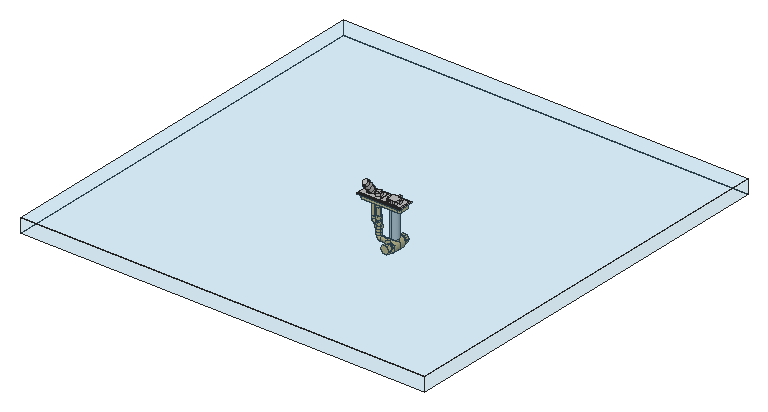
Revit family
Parameters (values of type "HC67-4")
  Weight Lbs = 11.5
  Waste Connection = no
  Wall Plate Opening Width = 0' - 2 3/8"
  Wall Plate Opening Length = 0' - 9 1/4"
  Wall Plate Flange Width = 0' - 3 1/2"
  Wall Plate Flange Length = 0' - 10 1/16"
  Wall Plate Depth = 0' - 1"
  Rod Assembly D = 0' - 1 1/2"
  Rod Assembly C = 0' - 2"
  Rod Assembly B = Rod Assembly A + 0' 0 1/2"  # 0' - 4 1/2"
  Rod Assembly A = Wall Thickness  # 0' - 4"
  Wall Thickness = 0' - 4"
  WFU = 0
  Vent Connection = no
  URL = "http://www.woodfordmfg.com/woodford/Wall_Hydrant_Pages/Model-HC67.html"
  Polished Brass (PB) Optional = ""
  Pipe Connection Radius = 0' - 0 3/8"
  Pipe Connection Diameter = Pipe Connection Radius * 2  # 0' - 0 3/4"
  Overall Hydrant Length = Wall Thickness + 0' 5 11/16"  # 0' - 9 11/16"
  Outlet = "3/4\" Male Hose Thread"
  No Lead Solder = ""
  Model = "HC67-4"
  Max Temperature = "120º -F"
  Max Pressure = 125.00 psi
  Inlets (2) Hot & Cold = "3/4\" Female Pipe Thread"
  Manufacturer = "Woodford Manufacturing Company"
  Installation Instructions = ""
  HWFU = 0
  HW Connection = yes
  GPM = "13 @ 100psi"
  Double Check Backflow Preventer = "ASSE 1052 Field Testable"
  Default Elevation = 4' - 0"
  Chrome Standard = ""
  Catalog Sheet = "http://www.woodfordmfg.com/woodford/Wall_Hyd_PDF/HC67CATALOG.pdf"
  CWFU = 2.5
  CW Connection = yes
  Brass (BR) Optional = ""
  Automatic Draining = ""
  Assembly Code = ""
  All Cast Brass Heads, Inlets & Wall Flange = ""
  All Brass Castings = ""
Types (11): name | Weight Lbs | Rod Assembly B | Rod Assembly A | Wall Thickness | Overall Hydrant Length | Model | Inlets (2) Hot & Cold | Double Check Backflow Preventer
  HC67-6 | 12.2 | 0' - 6 1/2" | 0' - 6" | 0' - 6" | 0' - 11 11/16" | "HC67-6" | "3/4\" Female Pipe Thread" | "ASSE 1052 Field Testable"
  HC67-4 | 11.5 | 0' - 4 1/2" | 0' - 4" | 0' - 4" | 0' - 9 11/16" | "HC67-4" | "3/4\" Female Pipe Thread" | "ASSE 1052 Field Testable"
  HC67-10 | 13.7 | 0' - 10 1/2" | 0' - 10" | 0' - 10" | 1' - 3 11/16" | "HC67-10" | "3/4\" Female Pipe Thread" | "ASSE 1052 Field Testable"
  HC67-12 | 14.3 | 1' - 0 1/2" | 1' - 0" | 1' - 0" | 1' - 5 11/16" | "HC67-12" | "3/4\" Female Pipe Thread" | "ASSE 1052 Field Testable"
  HC67-14 | 15.1 | 1' - 2 1/2" | 1' - 2" | 1' - 2" | 1' - 7 11/16" | "HC67-14" | "3/4\" Female Piupe Thread" | "ASSE 1052 Field Testable"
  HC67-16 | 14.3 | 1' - 4 1/2" | 1' - 4" | 1' - 4" | 1' - 9 11/16" | "HC67-16" | "3/4\" Female Pipe Thread" | "ASSE 1052 Field Testable"
  HC67-18 | 16.5 | 1' - 6 1/2" | 1' - 6" | 1' - 6" | 1' - 11 11/16" | "HC67-18" | "" | "ASSE 1052"
  HC67-20 | 17.3 | 1' - 8 1/2" | 1' - 8" | 1' - 8" | 2' - 1 11/16" | "HC67-20" | "3/4\" Female Pipe Thread" | "ASSE 1052 Field Testable"
  HC67-22 | 18.1 | 1' - 10 1/2" | 1' - 10" | 1' - 10" | 2' - 3 11/16" | "HC67-22" | "3/4\" Female Pipe Thread" | "ASSE 1052 Field Testable"
  HC67-24 | 18.9 | 2' - 0 1/2" | 2' - 0" | 2' - 0" | 2' - 5 11/16" | "HC67-24" | "3/4\" Female Pipe Thread" | "ASSE 1052 Field Testable"
  HC67-8 | 12.9 | 0' - 8 1/2" | 0' - 8" | 0' - 8" | 1' - 1 11/16" | "HC67-8" | "3/4\" Female Pipe Thread" | "ASSE 1052 Field Testable"
Reference planes (in)
  plane 1 "Center (Front/Back)": y = 0
  plane 2: z = 0
  plane 3 "Center (Left/Right)": x = 0
  plane 4 "Left": x = -5.03125
  plane 5 "Right": x = 5.03125
  plane 6 "Bottom": y = -1.75
  plane 7 "Top": y = 1.75
  plane 8 "Top Faceplate": z = 0.1875
  plane 9 "Right Offset": x = 4.53125
  plane 10 "Left Offset": x = -4.53125
  plane 11 "Operating Rod Depth A": z = -4
  plane 12 "Out Right": z = -2
  plane 13 "Out Left": z = -1.5
  plane 14: z = -1
  plane 15 "Operating Rod Depth B": z = -4.5
  plane 16 "Top Plate": z = 0.375
  plane 17: z = -7.3125
Forms (in)
  Extrusion 1, solid, material "Glass"
    sketch origin (0, 0, 0) x (1, 0, 0) y (0, 1, 0)
      loop
        line (-48, 48) -> (-48, -48) -> (48, -48) -> (48, 48) -> (-48, 48)
    from 0 to -3.3572
  Extrusion 2, solid, material "Chrome", detail levels fine
    sketch origin (0, 0, 0) x (1, 0, 0) y (0, 1, 0)
      loop
        line (-5.03125, -1.75) -> (5.03125, -1.75) -> (5.03125, 1.75) -> (-5.03125, 1.75) -> (-5.03125, -1.75)
    from 0 to 0.1875
  Extrusion 3, solid, material "Brass", detail levels fine
    sketch origin (-5.14568, 0, 0) x (1, 0, 0) y (0, 1, 0)
      loop
        circle (3.86811, 0) r 0.625
    from 0 to -2
  Extrusion 4, solid, material "Brass", detail levels fine
    sketch origin (-2.47757, 0, 0) x (1, 0, 0) y (0, 1, 0)
      loop
        circle (-0.08686, 0) r 0.4375
    from 0 to -1.5
  Extrusion 5, solid, material "Brass", detail levels fine
    sketch origin (0, 0, 0) x (1, 0, 0) y (0, 1, 0)
      loop
        line (-4.78125, -0.89352) -> (-4.2971, -1.37767) -> (4.2971, -1.37767) -> (4.78125, -0.89352) -> (4.78125, 0.89352) -> (4.22796, 1.44681) -> (0.89126, 1.44681) -> (0.33797, 0.89352) -> (-0.33797, 0.89352) -> (-0.89126, 1.44681) -> (-4.22796, 1.44681) -> (-4.78125, 0.89352) -> (-4.78125, -0.89352)
    from 0 to -1
  Extrusion 6, solid, material "Brass", detail levels fine
    sketch origin (-2.47757, 0, -1.5) x (-1, 0, 0) y (0, -1, 0)
      loop
        circle (0.08686, 0) r 0.3125
    from 0 to -3
  Extrusion 7, solid, material "Brass", detail levels fine
    sketch origin (-5.14568, 0, -2) x (-1, 0, 0) y (0, -1, 0)
      loop
        circle (-3.86811, 0) r 0.375
    from 0 to -2
  Extrusion 8, solid, material "Brass", detail levels fine
    sketch origin (-5.14568, 0, -4) x (-1, 0, 0) y (0, -1, 0)
      loop
        circle (-3.86811, 0) r 0.5
    from 0 to -0.75
  Sweep 9, solid, material "Brass", detail levels fine
    path origin (-2.47757, 0, 0) x (1, 0, 0) y (0, 0, 1)
      loop
        line (-0.094, -4.5) -> (-0.094, -4.87829)
        arc (-0.094, -4.87829) -> (0.12185, -5.39942) -> (0.64298, -5.61528) r 0.73699
    profile origin (-2.57158, 0, -4.68914) x (0, -1, 0) y (1, 0, 0)
      loop
        circle (0, 0) r 0.375
  Sweep 10, solid, material "Chrome", detail levels fine
    path origin (-3.28593, -0.11031, 0.25) x (0, 1, 0) y (0, 0, 1)
      loop
        arc (0.31144, 0.125) -> (0.26076, 0.41833) -> (0.1201, 0.68069) r 0.93127
    profile origin (-3.28593, 0.15045, 0.66833) x (0, -0.945519, -0.325568) y (1, 0, 0)
      loop
        circle (0, 0) r 0.78125
  Extrusion 11, solid, material "Chrome", detail levels fine
    sketch origin (0, 0, 0.1875) x (-1, 0, 0) y (0, -1, 0)
      loop
        line (4.78125, 1.5) -> (0.125, 1.5) -> (0.125, -1.5) -> (4.78125, -1.5) -> (4.78125, 1.5)
      loop
        line (-4.78125, 1.5) -> (-4.78125, -1.5) -> (-0.125, -1.5) -> (-0.125, 1.5) -> (-4.78125, 1.5)
    from 0 to 0.1875
  Extrusion 12, solid, material "Chrome", detail levels fine
    sketch origin (-5.14568, 0, 0.375) x (-1, 0, 0) y (0, -1, 0)
      loop
        line (-4.53125, -0.38286) -> (-3.8646, -0.77182) -> (-3.19443, -0.38895) -> (-3.19091, 0.38286) -> (-3.85756, 0.77182) -> (-4.52773, 0.38895) -> (-4.53125, -0.38286)
    from 0 to 0.5
  Extrusion 13, solid, material "Chrome", detail levels fine
    sketch origin (-5.14568, 0, 0.875) x (-1, 0, 0) y (0, -1, 0)
      loop
        circle (-3.86811, 0) r 0.54614
    from 0 to 0.25
  Extrusion 14, solid, material "Brass", not visible, detail levels fine
    sketch origin (-5.14568, 0, -4) x (-1, 0, 0) y (0, -1, 0)
      loop
        circle (-3.86811, 0) r 0.5
    from 0 to -0.75
  Sweep 15, solid, material "Brass", not visible, detail levels fine
    path origin (-2.47757, 0, 0) x (1, 0, 0) y (0, 0, 1)
      loop
        line (-0.094, -4.5) -> (-0.094, -4.87829)
        arc (-0.094, -4.87829) -> (0.12185, -5.39942) -> (0.64298, -5.61528) r 0.73699
    profile origin (-2.57158, 0, -4.68914) x (0, -1, 0) y (1, 0, 0)
      loop
        circle (0, 0) r 0.375
  Sweep 16, solid, material "Chrome", detail levels fine
    path origin (0, 0, 0) x (1, 0, 0) y (0, 0, 1)
      loop
        line (2.5, -1) -> (2.5, -7.3125)
    profile origin (2.5, 0, -4.15625) x (0, -1, 0) y (1, 0, 0)
      loop
        circle (0, 0) r 1
  Extrusion 17, solid, material "Brass", detail levels fine
    sketch origin (-5.13514, 0, -6.5625) x (-1, 0, 0) y (0, -1, 0)
      loop
        line (-4.53125, -0.38286) -> (-3.8646, -0.77182) -> (-3.19443, -0.38895) -> (-3.19091, 0.38286) -> (-3.85756, 0.77182) -> (-4.52773, 0.38895) -> (-4.53125, -0.38286)
    from 0 to 0.5625
  Extrusion 18, solid, material "Brass", detail levels fine
    sketch origin (-5.14568, 0, -6.5625) x (-1, 0, 0) y (0, -1, 0)
      loop
        circle (-3.86811, 0) r 0.54614
    from 0 to -0.75
  Sweep 19, solid, material "Brass", detail levels fine
    path origin (0, 0, 0) x (1, 0, 0) y (0, 0, 1)
      loop
        line (-1.27757, -7.3125) -> (-1.27757, -8)
        arc (-1.27757, -8) -> (-1.0579, -8.53033) -> (-0.52757, -8.75) r 0.75
        line (-0.52757, -8.75) -> (1.72243, -8.75)
    profile origin (0.59743, 0, -8.75) x (0, 0, 1) y (0, -1, 0)
      loop
        circle (0, 0) r 0.5
  Extrusion 20, solid, material "Brass", not visible, detail levels fine
    sketch origin (-5.13514, 0, -6.5625) x (-1, 0, 0) y (0, -1, 0)
      loop
        line (-4.53125, -0.38286) -> (-3.8646, -0.77182) -> (-3.19443, -0.38895) -> (-3.19091, 0.38286) -> (-3.85756, 0.77182) -> (-4.52773, 0.38895) -> (-4.53125, -0.38286)
    from 0 to 0.5625
  Extrusion 21, solid, material "Brass", not visible, detail levels fine
    sketch origin (-5.14568, 0, -6.5625) x (-1, 0, 0) y (0, -1, 0)
      loop
        circle (-3.86811, 0) r 0.54614
    from 0 to -0.75
  Sweep 22, solid, material "Brass", not visible, detail levels fine
    path origin (0, 0, 0) x (1, 0, 0) y (0, 0, 1)
      loop
        line (-1.27757, -7.3125) -> (-1.27757, -8)
        arc (-1.27757, -8) -> (-1.0579, -8.53033) -> (-0.52757, -8.75) r 0.75
        line (-0.52757, -8.75) -> (1.72243, -8.75)
    profile origin (0.59743, 0, -8.75) x (0, 0, 1) y (0, -1, 0)
      loop
        circle (0, 0) r 0.5
  Sweep 23, solid, material "Brass", detail levels fine
    path origin (0, 0, -0.0625) x (1, 0, 0) y (0, 0, 1)
      loop
        line (2.5, -7.25) -> (2.5, -8)
    profile origin (2.5, 0, -7.6875) x (0, -1, 0) y (1, 0, 0)
      loop
        circle (0, 0) r 0.75
  Sweep 24, solid, material "Brass", detail levels fine
    path origin (2.5, 0, -0.0625) x (0, 1, 0) y (0, 0, 1)
      loop
        line (-1.5, -8.71448) -> (0, -8.71448) -> (1.5, -8.71448)
    profile origin (2.5, 0.75, -8.77698) x (0, 0, 1) y (1, 0, 0)
      loop
        circle (0, 0) r 1.25
  Sweep 25, solid, material "Brass", detail levels fine
    path origin (2.5, 0, -0.0625) x (0, 1, 0) y (0, 0, 1)
      loop
        line (-1.5, -8.71448) -> (-2.25, -8.71448)
    profile origin (2.5, -1.875, -8.77698) x (0, 0, -1) y (1, 0, 0)
      loop
        circle (0, 0) r 0.625
  Sweep 26, solid, material "Brass", detail levels fine
    path origin (2.5, 0, -0.0625) x (0, -1, 0) y (0, 0, -1)
      loop
        line (-1.5, 8.71448) -> (-2.25, 8.71448)
    profile origin (2.5, 1.875, -8.77698) x (0, 0, 1) y (1, 0, 0)
      loop
        circle (0, 0) r 0.625
  Extrusion 27, solid, material "Brass", detail levels fine
    sketch origin (0, -2.25, -0.0625) x (1, 0, 0) y (0, 0, 1)
      loop
        line (3.49237, -8.70605) -> (2.99237, -7.84003) -> (1.99237, -7.84003) -> (1.49237, -8.70605) -> (1.99237, -9.57208) -> (2.99237, -9.57208) -> (3.49237, -8.70605)
    from 0 to 0.625
  Extrusion 28, solid, material "Brass", detail levels fine
    sketch origin (0, 2.25, -0.0625) x (1, 0, 0) y (0, 0, -1)
      loop
        line (3.49237, 8.70605) -> (2.99237, 9.57208) -> (1.99237, 9.57208) -> (1.49237, 8.70605) -> (1.99237, 7.84003) -> (2.99237, 7.84003) -> (3.49237, 8.70605)
    from 0 to 0.625
  Sweep 29, solid, material "Brass", not visible, detail levels fine
    path origin (0, 0, 0) x (1, 0, 0) y (0, 0, 1)
      loop
        line (2.5, -7.25) -> (2.5, -8)
    profile origin (2.5, 0, -7.625) x (0, -1, 0) y (1, 0, 0)
      loop
        circle (0, 0) r 0.75
  Sweep 30, solid, material "Brass", not visible, detail levels fine
    path origin (2.5, 0, 0) x (0, 1, 0) y (0, 0, 1)
      loop
        line (-1.5, -8.71448) -> (0, -8.71448) -> (1.5, -8.71448)
    profile origin (2.5, 0.75, -8.71448) x (0, 0, 1) y (1, 0, 0)
      loop
        circle (0, 0) r 1.25
  Sweep 31, solid, material "Brass", not visible, detail levels fine
    path origin (2.5, 0, 0) x (0, 1, 0) y (0, 0, 1)
      loop
        line (-1.5, -8.71448) -> (-2.25, -8.71448)
    profile origin (2.5, -1.875, -8.71448) x (0, 0, -1) y (1, 0, 0)
      loop
        circle (0, 0) r 0.625
  Sweep 32, solid, material "Brass", not visible, detail levels fine
    path origin (2.5, 0, 0) x (0, -1, 0) y (0, 0, -1)
      loop
        line (-1.5, 8.71448) -> (-2.25, 8.71448)
    profile origin (2.5, 1.875, -8.71448) x (0, 0, 1) y (1, 0, 0)
      loop
        circle (0, 0) r 0.625
  Extrusion 33, solid, material "Brass", not visible, detail levels fine
    sketch origin (0, -2.25, 0) x (1, 0, 0) y (0, 0, 1)
      loop
        line (3.49237, -8.70605) -> (2.99237, -7.84003) -> (1.99237, -7.84003) -> (1.49237, -8.70605) -> (1.99237, -9.57208) -> (2.99237, -9.57208) -> (3.49237, -8.70605)
    from 0 to 0.625
  Extrusion 34, solid, material "Brass", not visible, detail levels fine
    sketch origin (0, 2.25, 0) x (1, 0, 0) y (0, 0, -1)
      loop
        line (3.49237, 8.70605) -> (2.99237, 9.57208) -> (1.99237, 9.57208) -> (1.49237, 8.70605) -> (1.99237, 7.84003) -> (2.99237, 7.84003) -> (3.49237, 8.70605)
    from 0 to 0.625
  Extrusion 35, solid, material "Brass", detail levels fine
    sketch origin (-5.14568, 0, -4.75) x (-1, 0, 0) y (0, -1, 0)
      loop
        circle (-3.86811, 0) r 0.375
    from 0 to -0.5
  Extrusion 36, solid, material "Brass", detail levels fine
    sketch origin (-5.14568, 0, -5.25) x (-1, 0, 0) y (0, -1, 0)
      loop
        circle (-3.86811, 0) r 0.54614
    from 0 to -0.75
  Extrusion 37, solid, material "Brass", not visible, detail levels fine
    sketch origin (-5.14568, 0, -4.75) x (-1, 0, 0) y (0, -1, 0)
      loop
        circle (-3.86811, 0) r 0.375
    from 0 to -0.5
  Extrusion 38, solid, material "Brass", not visible, detail levels fine
    sketch origin (-5.14568, 0, -5.25) x (-1, 0, 0) y (0, -1, 0)
      loop
        circle (-3.86811, 0) r 0.54614
    from 0 to -0.75
  Extrusion 39, solid, material "Chrome", detail levels fine
    sketch origin (0, 0, 0.1875) x (-1, 0, 0) y (0, -1, 0)
      loop
        arc (-1.61001, -0.58753) -> (-1.51291, -0.40557) -> (-1.4529, -0.20826) r 1.05982
        line (-1.4529, -0.20826) -> (-1.06528, -0.20826) -> (-1.06528, 0.20826) -> (-1.4529, 0.20826)
        arc (-1.4529, 0.20826) -> (-1.51291, 0.40557) -> (-1.61001, 0.58753) r 1.05982
        line (-1.61001, 0.58753) -> (-1.34407, 0.85347) -> (-1.63858, 1.14799) -> (-1.90452, 0.88205)
        arc (-1.90452, 0.88205) -> (-2.08648, 0.97914) -> (-2.2838, 1.03915) r 1.05982
        line (-2.2838, 1.03915) -> (-2.2838, 1.41525) -> (-2.70031, 1.41525) -> (-2.70031, 1.03915)
        arc (-2.70031, 1.03915) -> (-2.89763, 0.97914) -> (-3.07959, 0.88205) r 1.05982
        line (-3.07959, 0.88205) -> (-3.35368, 1.15614) -> (-3.6482, 0.86163) -> (-3.37411, 0.58753)
        arc (-3.37411, 0.58753) -> (-3.4712, 0.40557) -> (-3.53121, 0.20826) r 1.05982
        line (-3.53121, 0.20826) -> (-3.91884, 0.20826) -> (-3.91884, -0.20826) -> (-3.53121, -0.20826)
        arc (-3.53121, -0.20826) -> (-3.4712, -0.40557) -> (-3.37411, -0.58753) r 1.05982
        line (-3.37411, -0.58753) -> (-3.64005, -0.85347) -> (-3.34553, -1.14799) -> (-3.07959, -0.88205)
        arc (-3.07959, -0.88205) -> (-2.89763, -0.97914) -> (-2.70031, -1.03915) r 1.05982
        line (-2.70031, -1.03915) -> (-2.70031, -1.69262) -> (-2.2838, -1.69262) -> (-2.2838, -1.03915)
        arc (-2.2838, -1.03915) -> (-2.08648, -0.97914) -> (-1.90452, -0.88205) r 1.05982
        line (-1.90452, -0.88205) -> (-1.63043, -1.15614) -> (-1.33591, -0.86163) -> (-1.61001, -0.58753)
    from 0 to 0.625
  Sweep 40, solid, material "Chrome", detail levels fine
    path origin (-3.28593, 0.04151, 0.05138) x (0, 1, 0) y (0, 0, 1)
      loop
        line (-0.03172, 0.87931) -> (-0.639, 1.67379)
    profile origin (-3.28593, -0.29385, 1.32793) x (0, -0.794484, -0.607286) y (1, 0, 0)
      loop
        circle (0, 0) r 0.75
  Sweep 41, solid, material "Chrome", detail levels fine
    path origin (-3.28593, -0.28925, 0.86614) x (0, 1, 0) y (0, 0, 1)
      loop
        line (-0.889, 1.67379) -> (-1.00357, 1.82368)
    profile origin (-3.28593, -1.23553, 2.61487) x (0, -0.794484, -0.607286) y (1, 0, 0)
      loop
        circle (0, 0) r 0.5
  Sweep 42, solid, material "Chrome", detail levels fine
    path origin (-3.28593, -0.28925, 0.86614) x (0, 1, 0) y (0, 0, 1)
      loop
        line (-1.00357, 1.82368) -> (-1.20094, 2.08188)
    profile origin (-3.28593, -1.3915, 2.81892) x (0, -0.794484, -0.607286) y (1, 0, 0)
      loop
        circle (0, 0) r 0.625
  Sweep 43, solid, material "Chrome", detail levels fine
    path origin (-3.28593, -0.46759, 1.04448) x (0, 1, 0) y (0, 0, 1)
      loop
        line (-0.1299, 0.68069) -> (-0.28172, 0.87931)
    profile origin (-3.28593, -0.6734, 1.82448) x (0, -0.794484, -0.607286) y (1, 0, 0)
      loop
        circle (0, 0) r 0.5
  Sweep 44, solid, material "Chrome", detail levels fine
    path origin (-3.28593, -0.37842, 0.95531) x (0, 1, 0) y (0, 0, 1)
      loop
        line (-0.35763, 0.97862) -> (-0.81309, 1.57448)
    profile origin (-3.28593, -0.96378, 2.23186) x (0, -0.794484, -0.607286) y (1, 0, 0)
      loop
        circle (0, 0) r 0.75
Lines and regions (in)
  model lines, detail levels coarse+medium
    curve 1: line (0, 0, 6.80114) -> (-3, 0, 6.80114)
    curve 2: line (0, 0, 6.80114) -> (3, 0, 6.80114)
    curve 3: line (0, 0, 0.1875) -> (0, 0, 10.1875)
Dimensions and locks (in)
  equal spacing: plane 7 "Top", plane 1 "Center (Front/Back)", plane 6 "Bottom"
  "Wall Plate Flange Width": plane 7 "Top" to plane 6 "Bottom"
  equal spacing: plane 4 "Left", plane 3 "Center (Left/Right)", plane 5 "Right"
  "Wall Plate Flange Length": plane 4 "Left" to plane 5 "Right"
  locked: plane 4 "Left" to plane 10 "Left Offset" at 0.5
  locked: plane 9 "Right Offset" to plane 5 "Right" at 0.5
  "Rod Assembly B": level to plane 15 "Operating Rod Depth B"
  "Rod Assembly A": level to plane 11 "Operating Rod Depth A"
  locked: plane 4 "Left" to Extrusion 11 sketch curve at 0.25
  locked: Extrusion 11 sketch curve to plane 6 "Bottom" at 0.25  (x2)
  locked: plane 7 "Top" to Extrusion 11 sketch curve at 0.25  (x2)
  locked: Extrusion 11 sketch curve to plane 3 "Center (Left/Right)" at 0.125
  locked: plane 3 "Center (Left/Right)" to Extrusion 11 sketch curve at 0.125
  locked: Extrusion 11 sketch curve to plane 5 "Right" at 0.25
  locked: plane 11 "Operating Rod Depth A" to plane 17 at 3.3125
  "Pipe Connection Radius": radius of Extrusion 7 sketch curve
  "Pipe Connection Radius": radius of Extrusion 35 sketch curve
  "Pipe Connection Radius": radius of Extrusion 37 sketch curve
  aligned and locked: plane 2 to Extrusion 1
  aligned and locked: level to Extrusion 1
  aligned and locked: plane 7 "Top" to Extrusion 2
  aligned and locked: plane 6 "Bottom" to Extrusion 2
  aligned and locked: plane 5 "Right" to Extrusion 2
  aligned and locked: plane 4 "Left" to Extrusion 2
  aligned and locked: plane 8 "Top Faceplate" to Extrusion 2
  aligned and locked: plane 12 "Out Right" to Extrusion 3
  aligned and locked: plane 13 "Out Left" to Extrusion 4
  aligned and locked: Extrusion 5 to plane 14
  aligned and locked: Extrusion 7 to plane 11 "Operating Rod Depth A"
  aligned and locked: Extrusion 6 to plane 15 "Operating Rod Depth B"
  aligned and locked: Sweep 9 to plane 15 "Operating Rod Depth B"
  aligned and locked: plane 15 "Operating Rod Depth B" to Sweep 9
  aligned and locked: plane 16 "Top Plate" to Extrusion 11
  aligned and locked: plane 17 to Sweep 16
  aligned and locked: Extrusion 36 to Extrusion 17
  aligned and locked: Extrusion 35 to Extrusion 8
  aligned and locked: Extrusion 38 to Extrusion 20
  aligned and locked: Extrusion 37 to Extrusion 14
  aligned and locked: plane 17 to Sweep 23
Automatic sketch dimensions
  Sweep 9 sketch curve to profile plane = 0' - 0"
  Sweep 9 sketch curve to Sweep 9 sketch curve = 0' - 0.73699"
  Sweep 9 sketch curve to Sweep 9 sketch curve = 0' - 0.37829"
  profile plane to Sweep 9 sketch curve = 0' - 0"
  Sweep 15 sketch curve to profile plane = 0' - 0"
  Sweep 15 sketch curve to Sweep 15 sketch curve = 0' - 0.73699"
  Sweep 15 sketch curve to Sweep 15 sketch curve = 0' - 0.37829"
  profile plane to Sweep 15 sketch curve = 0' - 0"
  Extrusion 17 sketch curve to Extrusion 17 sketch curve = 0' - 0.00352"  (x2)
  Extrusion 17 sketch curve to Extrusion 17 sketch curve = 0' - 0.66665"
  Extrusion 17 sketch curve to Extrusion 17 sketch curve = 0' - 0.67017"  (x2)
  Extrusion 17 sketch curve to Extrusion 17 sketch curve = 0' - 0.38286"  (x2)
  Extrusion 17 sketch curve to Extrusion 17 sketch curve = 0' - 0.38895"
  Extrusion 17 sketch curve to Extrusion 17 sketch curve = 0' - 0.77182"  (x2)
  profile plane to Sweep 19 sketch curve = 0' - 0"
  Sweep 19 sketch curve to Sweep 19 sketch curve = 0' - 0 11/16"
  Sweep 19 sketch curve to Sweep 19 sketch curve = 0' - 0 3/4"
  Sweep 19 sketch curve to Sweep 19 sketch curve = 0' - 2 1/4"
  Sweep 19 sketch curve to profile plane = 0' - 0"
  Sweep 22 sketch curve to Sweep 22 sketch curve = 0' - 0 3/4"
  Sweep 22 sketch curve to Sweep 22 sketch curve = 0' - 2 1/4"
  Sweep 22 sketch curve to profile plane = 0' - 0"
  Sweep 23 sketch curve to Sweep 23 sketch curve = 0' - 0 3/4"
  Sweep 23 sketch curve to profile plane = 0' - 0"
  Sweep 24 sketch curve to profile plane = 0' - 0"  (x2)
  Sweep 25 sketch curve to profile plane = 0' - 0"  (x2)
  Sweep 26 sketch curve to profile plane = 0' - 0"  (x2)
  Extrusion 27 sketch curve to Extrusion 27 sketch curve = 0' - 0 1/2"  (x3)
  Extrusion 27 sketch curve to Extrusion 27 sketch curve = 0' - 1"  (x2)
  Extrusion 27 sketch curve to Extrusion 27 sketch curve = 0' - 0.86603"  (x3)
  Extrusion 28 sketch curve to Extrusion 28 sketch curve = 0' - 0 1/2"  (x3)
  Extrusion 28 sketch curve to Extrusion 28 sketch curve = 0' - 1"  (x2)
  Extrusion 28 sketch curve to Extrusion 28 sketch curve = 0' - 0.86603"  (x3)
  Sweep 24 sketch curve to Sweep 24 sketch curve = 0' - 1 1/2"  (x2)
  Sweep 25 sketch curve to Sweep 25 sketch curve = 0' - 0 3/4"
  Sweep 26 sketch curve to Sweep 26 sketch curve = 0' - 0 3/4"
  profile plane to Sweep 23 sketch curve = 0' - 0"
  curve 2 to plane 3 "Center (Left/Right)" = 0' - 0"
  curve 3 to plane 3 "Center (Left/Right)" = 0' - 0"
  curve 3 to plane 8 "Top Faceplate" = 0' - 0"
  plane 10 "Left Offset" to curve 1 = 0' - 1 17/32"
  curve 2 to plane 9 "Right Offset" = 0' - 1 17/32"
  plane 16 "Top Plate" to curve 2 = 0' - 6.42614"
  curve 1 to curve 3 = 0' - 3.38636"
  Extrusion 1 sketch curve to Extrusion 1 sketch curve = 8' - 0"  (x2)
  Extrusion 2 sketch curve to plane 4 "Left" = 0' - 0"
  Extrusion 2 sketch curve to plane 5 "Right" = 0' - 0"
  Extrusion 2 sketch curve to plane 6 "Bottom" = 0' - 0"
  Extrusion 2 sketch curve to plane 7 "Top" = 0' - 0"
  plane 1 "Center (Front/Back)" to Extrusion 3 sketch curve = 0' - 0"
  Extrusion 3 sketch curve to plane 3 "Center (Left/Right)" = 0' - 1.27757"
  plane 1 "Center (Front/Back)" to Extrusion 4 sketch curve = 0' - 0"
  plane 10 "Left Offset" to Extrusion 4 sketch curve = 0' - 1.96682"
  plane 4 "Left" to Extrusion 5 sketch curve = 0' - 0 1/4"
  plane 10 "Left Offset" to Extrusion 5 sketch curve = 0' - 0.23415"
  plane 10 "Left Offset" to Extrusion 5 sketch curve = 0' - 0.30329"
  Extrusion 5 sketch curve to plane 7 "Top" = 0' - 0.30319"  (x2)
  Extrusion 5 sketch curve to plane 3 "Center (Left/Right)" = 0' - 0.89126"
  Extrusion 5 sketch curve to plane 3 "Center (Left/Right)" = 0' - 0.33797"
  plane 3 "Center (Left/Right)" to Extrusion 5 sketch curve = 0' - 0.33797"
  Extrusion 5 sketch curve to Extrusion 5 sketch curve = 0' - 0"
  Extrusion 5 sketch curve to Extrusion 5 sketch curve = 0' - 0.55329"  (x4)
  Extrusion 5 sketch curve to plane 9 "Right Offset" = 0' - 0.30329"
  Extrusion 5 sketch curve to plane 9 "Right Offset" = 0' - 0.23415"
  Extrusion 5 sketch curve to plane 5 "Right" = 0' - 0 1/4"
  plane 6 "Bottom" to Extrusion 5 sketch curve = 0' - 0.85648"  (x2)
  plane 6 "Bottom" to Extrusion 5 sketch curve = 0' - 0.37233"
  plane 1 "Center (Front/Back)" to Extrusion 6 sketch curve = 0' - 0"
  plane 10 "Left Offset" to Extrusion 6 sketch curve = 0' - 1.96682"
  plane 1 "Center (Front/Back)" to Extrusion 7 sketch curve = 0' - 0"
  Extrusion 7 sketch curve to plane 3 "Center (Left/Right)" = 0' - 1.27757"
  Sweep 10 sketch curve to plane 16 "Top Plate" = 0' - 0"
  Sweep 10 sketch curve to plane 16 "Top Plate" = 0' - 0.00986"
  plane 1 "Center (Front/Back)" to Sweep 10 sketch curve = 0' - 0.73008"
  Sweep 10 sketch curve to plane 1 "Center (Front/Back)" = 0' - 0.0098"
  Sweep 10 sketch curve to plane 1 "Center (Front/Back)" = 0' - 0.20114"
  Sweep 10 sketch curve to profile plane = 0' - 0"  (x2)
  Extrusion 12 sketch curve to plane 3 "Center (Left/Right)" = 0' - 0.61443"
  Extrusion 12 sketch curve to plane 3 "Center (Left/Right)" = 0' - 0.61795"
  Extrusion 12 sketch curve to Extrusion 12 sketch curve = 0' - 0.66665"
  Extrusion 12 sketch curve to Extrusion 12 sketch curve = 0' - 0.67017"  (x2)
  Extrusion 12 sketch curve to plane 1 "Center (Front/Back)" = 0' - 0.38895"
  plane 1 "Center (Front/Back)" to Extrusion 12 sketch curve = 0' - 0.38286"
  Extrusion 12 sketch curve to Extrusion 12 sketch curve = 0' - 0.00352"
  Extrusion 12 sketch curve to plane 1 "Center (Front/Back)" = 0' - 0.77182"
  Extrusion 12 sketch curve to plane 1 "Center (Front/Back)" = 0' - 0.38286"
  plane 1 "Center (Front/Back)" to Extrusion 12 sketch curve = 0' - 0.38895"
  plane 1 "Center (Front/Back)" to Extrusion 12 sketch curve = 0' - 0.77182"
  plane 1 "Center (Front/Back)" to Extrusion 13 sketch curve = 0' - 0"
  Extrusion 13 sketch curve to plane 3 "Center (Left/Right)" = 0' - 1.27757"
  Sweep 16 sketch curve to plane 17 = 0' - 0"
  Sweep 16 sketch curve to plane 14 = 0' - 0"
  Sweep 16 sketch curve to plane 9 "Right Offset" = 0' - 2 1/32"
  plane 1 "Center (Front/Back)" to Sweep 16 sketch curve = 0' - 0"
  Sweep 16 sketch curve to profile plane = 0' - 0"
  Extrusion 39 sketch curve to Extrusion 39 sketch curve = 0' - 0"  (x56)
  plane 1 "Center (Front/Back)" to Extrusion 39 sketch curve = 0' - 0"
  Extrusion 39 sketch curve to plane 1 "Center (Front/Back)" = 0' - 0.20826"  (x2)
  Extrusion 39 sketch curve to plane 9 "Right Offset" = 0' - 0.61241"
  Extrusion 39 sketch curve to Extrusion 39 sketch curve = 0' - 0.27064"
  Extrusion 39 sketch curve to Extrusion 39 sketch curve = 0' - 0.27879"
  Extrusion 39 sketch curve to Extrusion 39 sketch curve = 0' - 0.38763"  (x3)
  Extrusion 39 sketch curve to plane 1 "Center (Front/Back)" = 0' - 0.58753"
  Extrusion 39 sketch curve to Extrusion 39 sketch curve = 0' - 0.26594"  (x2)
  plane 1 "Center (Front/Back)" to Extrusion 39 sketch curve = 0' - 0.58753"
  Extrusion 39 sketch curve to Extrusion 39 sketch curve = 0' - 0.27409"  (x2)
  plane 6 "Bottom" to Extrusion 39 sketch curve = 0' - 0.59386"
  Extrusion 39 sketch curve to Extrusion 39 sketch curve = 0' - 0.29452"  (x4)
  Extrusion 39 sketch curve to plane 7 "Top" = 0' - 0.60201"
  Extrusion 39 sketch curve to plane 7 "Top" = 0' - 0.86795"  (x2)
  plane 6 "Bottom" to Extrusion 39 sketch curve = 0' - 0.86795"  (x2)
  Extrusion 39 sketch curve to plane 7 "Top" = 0' - 0.05738"
  Extrusion 39 sketch curve to Extrusion 39 sketch curve = 0' - 0.64522"
  Extrusion 39 sketch curve to Extrusion 39 sketch curve = 0' - 0.37928"  (x3)
  Extrusion 39 sketch curve to Extrusion 39 sketch curve = 0' - 0.41651"  (x2)
  plane 6 "Bottom" to Extrusion 39 sketch curve = 0' - 0.60201"
  Extrusion 39 sketch curve to plane 7 "Top" = 0' - 0.59386"
  Extrusion 39 sketch curve to Extrusion 39 sketch curve = 0' - 0.1571"  (x2)
  plane 1 "Center (Front/Back)" to Extrusion 39 sketch curve = 0' - 0.20826"
  plane 6 "Bottom" to Extrusion 39 sketch curve = 0' - 0.33475"
  plane 1 "Center (Front/Back)" to Sweep 40 sketch curve = 0' - 0.59749"
  Sweep 40 sketch curve to plane 1 "Center (Front/Back)" = 0' - 0.0098"
  plane 16 "Top Plate" to Sweep 40 sketch curve = 0' - 0.55569"
  Sweep 40 sketch curve to Sweep 40 sketch curve = 0' - 0.79448"
  Sweep 40 sketch curve to profile plane = 0' - 0"  (x2)
  plane 6 "Bottom" to Sweep 41 sketch curve = 0' - 0.45718"
  Sweep 41 sketch curve to Sweep 41 sketch curve = 0' - 0.11457"
  plane 16 "Top Plate" to Sweep 41 sketch curve = 0' - 2.16493"
  Sweep 41 sketch curve to Sweep 41 sketch curve = 0' - 0.14988"
  Sweep 41 sketch curve to profile plane = 0' - 0"  (x2)
  plane 6 "Bottom" to Sweep 42 sketch curve = 0' - 0.25981"
  Sweep 42 sketch curve to Sweep 42 sketch curve = 0' - 0.19737"
  plane 16 "Top Plate" to Sweep 42 sketch curve = 0' - 2.31481"
  Sweep 42 sketch curve to Sweep 42 sketch curve = 0' - 0.25821"
  Sweep 42 sketch curve to profile plane = 0' - 0"  (x2)
  plane 1 "Center (Front/Back)" to Sweep 43 sketch curve = 0' - 0.74931"
  Sweep 43 sketch curve to Sweep 43 sketch curve = 0' - 0.15182"
  plane 16 "Top Plate" to Sweep 43 sketch curve = 0' - 1.35017"
  Sweep 43 sketch curve to Sweep 43 sketch curve = 0' - 0.19862"
  Sweep 43 sketch curve to profile plane = 0' - 0"  (x2)
  plane 6 "Bottom" to Sweep 44 sketch curve = 0' - 0.55849"
  plane 1 "Center (Front/Back)" to Sweep 44 sketch curve = 0' - 0.73605"
  plane 16 "Top Plate" to Sweep 44 sketch curve = 0' - 1.55893"
  Sweep 44 sketch curve to Sweep 44 sketch curve = 0' - 0.59586"
  Sweep 44 sketch curve to profile plane = 0' - 0"  (x2)
  radius of Extrusion 8 sketch curve = 0' - 0 1/2"
  radius of Sweep 9 sketch curve = 0' - 0 3/8"
  radius of Extrusion 14 sketch curve = 0' - 0 1/2"
  radius of Sweep 15 sketch curve = 0' - 0 3/8"
  radius of Extrusion 18 sketch curve = 0' - 0.54614"
  radius of Sweep 19 sketch curve = 0' - 0 1/2"
  radius of Sweep 23 sketch curve = 0' - 0 3/4"
  radius of Sweep 24 sketch curve = 0' - 1 1/4"
  radius of Sweep 25 sketch curve = 0' - 0 5/8"
  radius of Sweep 26 sketch curve = 0' - 0 5/8"
  radius of Extrusion 36 sketch curve = 0' - 0.54614"
  radius of Extrusion 3 sketch curve = 0' - 0 5/8"
  radius of Extrusion 4 sketch curve = 0' - 0 7/16"
  radius of Extrusion 6 sketch curve = 0' - 0 5/16"
  radius of Extrusion 7 sketch curve = 0' - 0 3/8"
  radius of Sweep 10 sketch curve = 0' - 0 25/32"
  radius of Extrusion 13 sketch curve = 0' - 0.54614"
  radius of Sweep 16 sketch curve = 0' - 1"
  radius of Sweep 40 sketch curve = 0' - 0 3/4"
  radius of Sweep 41 sketch curve = 0' - 0 1/2"
  radius of Sweep 42 sketch curve = 0' - 0 5/8"
  radius of Sweep 43 sketch curve = 0' - 0 1/2"
  radius of Sweep 44 sketch curve = 0' - 0 3/4"
Nested families (in)
  nested 1: "Hydrant Annotation" at (0, 0, 0), type "Hydrant Annotation", detail levels coarse+medium
Connectors (in)
  piping at (2.49237, -2.875, -8.76855)
    settings: on Extrusion 27, index 1, connector radius 1/2", flow factor 0, pipe flow 0 GPM, pressure drop 0.00 psi, fitting loss kfactor 0, connector angle 0.00°, fixture units 0, flow configuration 1, flow direction 1, fitting loss method 0, system type 19, connector reference index -1, connector utility 0, adjustable connector no, is connector primary yes, fitting loss table "", connector description ""
  piping at (2.49237, 2.875, -8.76855)
    settings: on Extrusion 28, index 2, connector radius 1/2", flow factor 0, pipe flow 0 GPM, pressure drop 0.00 psi, fitting loss kfactor 0, connector angle 0.00°, fixture units 0, flow configuration 1, flow direction 1, fitting loss method 0, system type 20, connector reference index -1, connector utility 0, adjustable connector no, is connector primary no, fitting loss table "", connector description ""
Definition of nested family "Hydrant Annotation"
  Reference planes (in)
    plane 1: y = 0
    plane 2: x = 0
  Lines and regions (in)
    detail lines, style "Hydrant Symbol"
      curve 1: line (0, 0, 0) -> (0, 0.325, 0)
      curve 2: line (-0.11215, 0.22111, 0) -> (0.11215, 0.22111, 0)
      curve 3: line (-0.0625, 0, 0) -> (0.0625, 0, 0)
  Dimensions and locks (in)
    equal spacing: curve 2, plane 2, curve 2
    curve 3 to curve 3 = 0' - 0 1/8"
